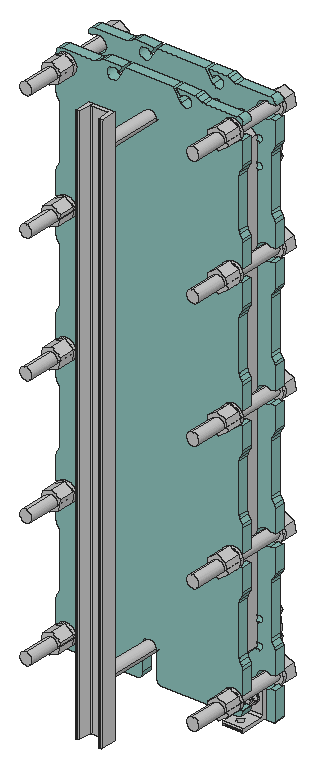
Revit family "Ekin_Endüstriyel - MIT535", category Specialty Equipment, Revit 2022
Family settings
  Round Connector Dimension = Use Diameter
  Part Type = Normal
  Work Plane-Based = No
  Always vertical = No
  Cut with Voids When Loaded = No
  Maintain Annotation Orientation = No
  Shared = No
  Room Calculation Point = No
Parameters (values of type "Flanged")
  URL = "https://en.ekinendustriyel.com/plate-heat-exchanger"
  Type Comments = ""
  Thickness_of_Plate [instance] = 0.50 mm  # constant formula
  Number_of_Plate [instance] = 20
  Model = if(Hygienic, if(Design Pressure < 11.0 bar, "H12340000F100L", if(Design Pressure < 16.0 bar, " H12340000F100M", " H12340000F100H")), if(Design Pressure < 10.0 bar, "E12340000F100L", if(Design Pressure < 16.0 bar, " E12340000F100M", " E12340000F100H")))  # "H12340000F100L"
  Material = Galvanized Steel- S235JR
  Manufacturer = "Ekin Endüstriyel"
  Lk [instance] = (Number_of_Plate) * ((Thickness_of_Plate) + 3.25 mm)  # 75.00 mm
  Lh [instance] = 1400.00 mm  # constant formula
  Lf [instance] = 1345.00 mm  # constant formula
  Lc [instance] = if(Number_of_Plate < 21, 250.00 mm, if(Number_of_Plate < 36, 500.00 mm, if(Number_of_Plate < 71, 750.00 mm, if(Number_of_Plate < 101, 1000.00 mm, if(Number_of_Plate < 151, 1250.00 mm, if(Number_of_Plate < 201, 1500.00 mm, if(Number_of_Plate < 251, 1750.00 mm, 2000.00 mm)))))))  # 250.00 mm
  La [instance] = 465.00 mm  # constant formula
  Keynote = ""
  Industrial [instance] = not(Hygienic)  # no
  Hygienic = yes
  Head & Follower Plate [instance] = if(Design Pressure < 11.0 bar, 25.00 mm, if(Design Pressure < 17.0 bar, 40.00 mm, 50.00 mm))  # 25.00 mm
  Follower Plate [instance] = -(Head & Follower Plate)  # -25.00 mm
  Design Pressure = 6.89476 bar
  Description = if(Design Pressure < 11.0 bar, "MIT - Heat Exchanger - 10 bar", if(Design Pressure < 16.0 bar, " MIT - Heat Exchanger - 16 bar", " MIT - Heat Exchanger - 25 bar"))  # "MIT - Heat Exchanger - 10 bar"
  Default Elevation = 0.00 mm
Reference planes
  plane 1 "Center (Front/Back)": y = 0
  plane 2: z = 0
  plane 3 "Center (Left/Right)": x = 0
  plane 4: x = 1160
  plane 5: x = -1000
  plane 6 "2": y = -100
  plane 7 "1": y = -25
  plane 8 "3": y = -275
  plane 9 "Bolt End": y = 18.7
  plane 10: y = -250
Forms (mm)
  Extrusion 1, solid, material "Galvanized Steel", detail levels fine
    sketch origin (4.063, 0, 0) x (1, 0, 0) y (0, 0, 1)
      loop
        circle (114.937, 1258) r 40
      loop
        circle (114.937, 188) r 40
      loop
        line (-95.905, 55) -> (87.779, 55)
        arc (87.779, 55) -> (94.518, 53.83) -> (100.469, 50.459) r 20
        line (100.469, 50.459) -> (121.127, 33.501)
        arc (121.127, 33.501) -> (126.517, 26.592) -> (128.437, 18.042) r 20
        line (128.437, 18.042) -> (128.437, 3)
        arc (128.437, 3) -> (129.316, 0.879) -> (131.437, 0) r 3
        line (131.437, 0) -> (175.937, 0) -> (175.937, 33.263)
        arc (175.937, 33.263) -> (178.437, 57) -> (180.937, 33.263) r 12
        line (180.937, 33.263) -> (180.937, 0) -> (225.437, 0)
        arc (225.437, 0) -> (227.558, 0.879) -> (228.437, 3) r 3
        line (228.437, 3) -> (228.437, 71.75) -> (216.739, 71.75)
        arc (216.739, 71.75) -> (182.437, 88) -> (216.739, 104.25) r 21
        line (216.739, 104.25) -> (228.437, 104.25) -> (228.437, 160.231)
        arc (228.437, 160.231) -> (227.926, 164.113) -> (226.427, 167.731) r 15
        line (226.427, 167.731) -> (220.447, 178.09)
        arc (220.447, 178.09) -> (218.948, 181.708) -> (218.437, 185.59) r 15
        line (218.437, 185.59) -> (218.437, 307.91)
        arc (218.437, 307.91) -> (218.948, 311.793) -> (220.447, 315.41) r 15
        line (220.447, 315.41) -> (226.427, 325.769)
        arc (226.427, 325.769) -> (227.926, 329.387) -> (228.437, 333.269) r 15
        line (228.437, 333.269) -> (228.437, 389.25) -> (216.739, 389.25)
        arc (216.739, 389.25) -> (182.437, 405.5) -> (216.739, 421.75) r 21
        line (216.739, 421.75) -> (228.437, 421.75) -> (228.437, 477.731)
        arc (228.437, 477.731) -> (227.926, 481.613) -> (226.427, 485.231) r 15
        line (226.427, 485.231) -> (220.447, 495.59)
        arc (220.447, 495.59) -> (218.948, 499.207) -> (218.437, 503.09) r 15
        line (218.437, 503.09) -> (218.437, 625.41)
        arc (218.437, 625.41) -> (218.948, 629.293) -> (220.447, 632.91) r 15
        line (220.447, 632.91) -> (226.427, 643.269)
        arc (226.427, 643.269) -> (227.926, 646.887) -> (228.437, 650.769) r 15
        line (228.437, 650.769) -> (228.437, 706.75) -> (216.739, 706.75)
        arc (216.739, 706.75) -> (182.437, 723) -> (216.739, 739.25) r 21
        line (216.739, 739.25) -> (228.437, 739.25) -> (228.437, 795.231)
        arc (228.437, 795.231) -> (227.926, 799.113) -> (226.427, 802.731) r 15
        line (226.427, 802.731) -> (220.447, 813.09)
        arc (220.447, 813.09) -> (218.948, 816.707) -> (218.437, 820.59) r 15
        line (218.437, 820.59) -> (218.437, 942.91)
        arc (218.437, 942.91) -> (218.948, 946.793) -> (220.447, 950.41) r 15
        line (220.447, 950.41) -> (226.427, 960.769)
        arc (226.427, 960.769) -> (227.926, 964.387) -> (228.437, 968.269) r 15
        line (228.437, 968.269) -> (228.437, 1024.25) -> (216.739, 1024.25)
        arc (216.739, 1024.25) -> (182.437, 1040.5) -> (216.739, 1056.75) r 21
        line (216.739, 1056.75) -> (228.437, 1056.75) -> (228.437, 1112.731)
        arc (228.437, 1112.731) -> (227.926, 1116.613) -> (226.427, 1120.231) r 15
        line (226.427, 1120.231) -> (220.447, 1130.59)
        arc (220.447, 1130.59) -> (218.948, 1134.207) -> (218.437, 1138.09) r 15
        line (218.437, 1138.09) -> (218.437, 1260.41)
        arc (218.437, 1260.41) -> (218.948, 1264.293) -> (220.447, 1267.91) r 15
        line (220.447, 1267.91) -> (226.427, 1278.269)
        arc (226.427, 1278.269) -> (227.926, 1281.887) -> (228.437, 1285.769) r 15
        line (228.437, 1285.769) -> (228.437, 1341.75) -> (216.739, 1341.75)
        arc (216.739, 1341.75) -> (182.437, 1358) -> (216.739, 1374.25) r 21
        line (216.739, 1374.25) -> (228.418, 1374.25)
        arc (228.418, 1374.25) -> (224.306, 1385.338) -> (213.437, 1390) r 15
        line (213.437, 1390) -> (133.527, 1390)
        arc (133.527, 1390) -> (129.644, 1390.511) -> (126.027, 1392.01) r 15
        line (126.027, 1392.01) -> (115.668, 1397.99)
        arc (115.668, 1397.99) -> (112.05, 1399.489) -> (108.168, 1400) r 15
        line (108.168, 1400) -> (62.554, 1400) -> (72.143, 1383.392)
        arc (72.143, 1383.392) -> (100.91, 1378.399) -> (72.947, 1370) r 15
        line (72.947, 1370) -> (55.626, 1400) -> (-63.752, 1400) -> (-81.073, 1370)
        arc (-81.073, 1370) -> (-109.036, 1378.399) -> (-80.269, 1383.392) r 15
        line (-80.269, 1383.392) -> (-70.68, 1400) -> (-116.294, 1400)
        arc (-116.294, 1400) -> (-120.176, 1399.489) -> (-123.794, 1397.99) r 15
        line (-123.794, 1397.99) -> (-134.153, 1392.01)
        arc (-134.153, 1392.01) -> (-137.77, 1390.511) -> (-141.653, 1390) r 15
        line (-141.653, 1390) -> (-221.563, 1390)
        arc (-221.563, 1390) -> (-232.432, 1385.338) -> (-236.544, 1374.25) r 15
        line (-236.544, 1374.25) -> (-224.865, 1374.25)
        arc (-224.865, 1374.25) -> (-190.563, 1358) -> (-224.865, 1341.75) r 21
        line (-224.865, 1341.75) -> (-236.563, 1341.75) -> (-236.563, 1285.769)
        arc (-236.563, 1285.769) -> (-236.052, 1281.887) -> (-234.553, 1278.269) r 15
        line (-234.553, 1278.269) -> (-228.573, 1267.91)
        arc (-228.573, 1267.91) -> (-227.074, 1264.293) -> (-226.563, 1260.41) r 15
        line (-226.563, 1260.41) -> (-226.563, 1138.09)
        arc (-226.563, 1138.09) -> (-227.074, 1134.207) -> (-228.573, 1130.59) r 15
        line (-228.573, 1130.59) -> (-234.553, 1120.231)
        arc (-234.553, 1120.231) -> (-236.052, 1116.613) -> (-236.563, 1112.731) r 15
        line (-236.563, 1112.731) -> (-236.563, 1056.75) -> (-224.865, 1056.75)
        arc (-224.865, 1056.75) -> (-190.563, 1040.5) -> (-224.865, 1024.25) r 21
        line (-224.865, 1024.25) -> (-236.563, 1024.25) -> (-236.563, 968.269)
        arc (-236.563, 968.269) -> (-236.052, 964.387) -> (-234.553, 960.769) r 15
        line (-234.553, 960.769) -> (-228.573, 950.41)
        arc (-228.573, 950.41) -> (-227.074, 946.793) -> (-226.563, 942.91) r 15
        line (-226.563, 942.91) -> (-226.563, 820.59)
        arc (-226.563, 820.59) -> (-227.074, 816.707) -> (-228.573, 813.09) r 15
        line (-228.573, 813.09) -> (-234.553, 802.731)
        arc (-234.553, 802.731) -> (-236.052, 799.113) -> (-236.563, 795.231) r 15
        line (-236.563, 795.231) -> (-236.563, 739.25) -> (-224.865, 739.25)
        arc (-224.865, 739.25) -> (-190.563, 723) -> (-224.865, 706.75) r 21
        line (-224.865, 706.75) -> (-236.563, 706.75) -> (-236.563, 650.769)
        arc (-236.563, 650.769) -> (-236.052, 646.887) -> (-234.553, 643.269) r 15
        line (-234.553, 643.269) -> (-228.573, 632.91)
        arc (-228.573, 632.91) -> (-227.074, 629.293) -> (-226.563, 625.41) r 15
        line (-226.563, 625.41) -> (-226.563, 503.09)
        arc (-226.563, 503.09) -> (-227.074, 499.207) -> (-228.573, 495.59) r 15
        line (-228.573, 495.59) -> (-234.553, 485.231)
        arc (-234.553, 485.231) -> (-236.052, 481.613) -> (-236.563, 477.731) r 15
        line (-236.563, 477.731) -> (-236.563, 421.75) -> (-224.865, 421.75)
        arc (-224.865, 421.75) -> (-190.563, 405.5) -> (-224.865, 389.25) r 21
        line (-224.865, 389.25) -> (-236.563, 389.25) -> (-236.563, 333.269)
        arc (-236.563, 333.269) -> (-236.052, 329.387) -> (-234.553, 325.769) r 15
        line (-234.553, 325.769) -> (-228.573, 315.41)
        arc (-228.573, 315.41) -> (-227.074, 311.793) -> (-226.563, 307.91) r 15
        line (-226.563, 307.91) -> (-226.563, 185.59)
        arc (-226.563, 185.59) -> (-227.074, 181.708) -> (-228.573, 178.09) r 15
        line (-228.573, 178.09) -> (-234.553, 167.731)
        arc (-234.553, 167.731) -> (-236.052, 164.113) -> (-236.563, 160.231) r 15
        line (-236.563, 160.231) -> (-236.563, 104.25) -> (-224.865, 104.25)
        arc (-224.865, 104.25) -> (-190.563, 88) -> (-224.865, 71.75) r 21
        line (-224.865, 71.75) -> (-236.563, 71.75) -> (-236.563, 3)
        arc (-236.563, 3) -> (-235.684, 0.879) -> (-233.563, 0) r 3
        line (-233.563, 0) -> (-189.063, 0) -> (-189.063, 33.263)
        arc (-189.063, 33.263) -> (-186.563, 57) -> (-184.063, 33.263) r 12
        line (-184.063, 33.263) -> (-184.063, 0) -> (-139.563, 0)
        arc (-139.563, 0) -> (-137.442, 0.879) -> (-136.563, 3) r 3
        line (-136.563, 3) -> (-136.563, 18.042)
        arc (-136.563, 18.042) -> (-134.643, 26.592) -> (-129.253, 33.501) r 20
        line (-129.253, 33.501) -> (-108.595, 50.459)
        arc (-108.595, 50.459) -> (-102.644, 53.83) -> (-95.905, 55) r 20
      loop
        circle (-4.063, 1314) r 6.25
      loop
        circle (-4.063, 132) r 6.25
      loop
        circle (145.552, 261.91) r 9
      loop
        circle (188.847, 218.615) r 9
      loop
        circle (188.847, 157.385) r 9
      loop
        circle (145.552, 114.09) r 9
      loop
        circle (84.322, 261.91) r 9
      loop
        circle (41.027, 218.615) r 9
      loop
        circle (41.027, 157.385) r 9
      loop
        circle (84.322, 114.09) r 9
      loop
        circle (145.552, 1331.91) r 9
      loop
        circle (188.847, 1288.615) r 9
      loop
        circle (188.847, 1227.385) r 9
      loop
        circle (145.552, 1184.09) r 9
      loop
        circle (84.322, 1331.91) r 9
      loop
        circle (41.027, 1288.615) r 9
      loop
        circle (41.027, 1227.385) r 9
      loop
        circle (84.322, 1184.09) r 9
      loop
        circle (-123.063, 1258) r 40
      loop
        circle (-123.063, 188) r 40
      loop
        circle (-153.678, 261.91) r 9
      loop
        circle (-196.973, 218.615) r 9
      loop
        circle (-196.973, 157.385) r 9
      loop
        circle (-153.678, 114.09) r 9
      loop
        circle (-92.448, 261.91) r 9
      loop
        circle (-49.153, 218.615) r 9
      loop
        circle (-49.153, 157.385) r 9
      loop
        circle (-92.448, 114.09) r 9
      loop
        circle (-153.678, 1331.91) r 9
      loop
        circle (-196.973, 1288.615) r 9
      loop
        circle (-196.973, 1227.385) r 9
      loop
        circle (-153.678, 1184.09) r 9
      loop
        circle (-92.448, 1331.91) r 9
      loop
        circle (-49.153, 1288.615) r 9
      loop
        circle (-49.153, 1227.385) r 9
      loop
        circle (-92.448, 1184.09) r 9
    from 0 to 25
  Extrusion 2, solid, material "Galvanized Steel", detail levels fine
    sketch origin (4.063, -100, 0) x (-1, 0, 0) y (0, 0, 1)
      loop
        arc (221.563, 55) -> (232.17, 59.394) -> (236.563, 70) r 15
        line (236.563, 70) -> (236.563, 71.75) -> (224.865, 71.75)
        arc (224.865, 71.75) -> (190.563, 88) -> (224.865, 104.25) r 21
        line (224.865, 104.25) -> (236.563, 104.25) -> (236.563, 160.231)
        arc (236.563, 160.231) -> (236.052, 164.113) -> (234.553, 167.731) r 15
        line (234.553, 167.731) -> (228.573, 178.09)
        arc (228.573, 178.09) -> (227.074, 181.708) -> (226.563, 185.59) r 15
        line (226.563, 185.59) -> (226.563, 307.91)
        arc (226.563, 307.91) -> (227.074, 311.793) -> (228.573, 315.41) r 15
        line (228.573, 315.41) -> (234.553, 325.769)
        arc (234.553, 325.769) -> (236.052, 329.387) -> (236.563, 333.269) r 15
        line (236.563, 333.269) -> (236.563, 389.25) -> (224.865, 389.25)
        arc (224.865, 389.25) -> (190.563, 405.5) -> (224.865, 421.75) r 21
        line (224.865, 421.75) -> (236.563, 421.75) -> (236.563, 477.731)
        arc (236.563, 477.731) -> (236.052, 481.613) -> (234.553, 485.231) r 15
        line (234.553, 485.231) -> (228.573, 495.59)
        arc (228.573, 495.59) -> (227.074, 499.207) -> (226.563, 503.09) r 15
        line (226.563, 503.09) -> (226.563, 625.41)
        arc (226.563, 625.41) -> (227.074, 629.293) -> (228.573, 632.91) r 15
        line (228.573, 632.91) -> (234.553, 643.269)
        arc (234.553, 643.269) -> (236.052, 646.887) -> (236.563, 650.769) r 15
        line (236.563, 650.769) -> (236.563, 706.75) -> (224.865, 706.75)
        arc (224.865, 706.75) -> (190.563, 723) -> (224.865, 739.25) r 21
        line (224.865, 739.25) -> (236.563, 739.25) -> (236.563, 795.231)
        arc (236.563, 795.231) -> (236.052, 799.113) -> (234.553, 802.731) r 15
        line (234.553, 802.731) -> (228.573, 813.09)
        arc (228.573, 813.09) -> (227.074, 816.707) -> (226.563, 820.59) r 15
        line (226.563, 820.59) -> (226.563, 942.91)
        arc (226.563, 942.91) -> (227.074, 946.793) -> (228.573, 950.41) r 15
        line (228.573, 950.41) -> (234.553, 960.769)
        arc (234.553, 960.769) -> (236.052, 964.387) -> (236.563, 968.269) r 15
        line (236.563, 968.269) -> (236.563, 1024.25) -> (224.865, 1024.25)
        arc (224.865, 1024.25) -> (190.563, 1040.5) -> (224.865, 1056.75) r 21
        line (224.865, 1056.75) -> (236.563, 1056.75) -> (236.563, 1112.731)
        arc (236.563, 1112.731) -> (236.052, 1116.613) -> (234.553, 1120.231) r 15
        line (234.553, 1120.231) -> (228.573, 1130.59)
        arc (228.573, 1130.59) -> (227.074, 1134.207) -> (226.563, 1138.09) r 15
        line (226.563, 1138.09) -> (226.563, 1260.41)
        arc (226.563, 1260.41) -> (227.074, 1264.293) -> (228.573, 1267.91) r 15
        line (228.573, 1267.91) -> (234.553, 1278.269)
        arc (234.553, 1278.269) -> (236.052, 1281.887) -> (236.563, 1285.769) r 15
        line (236.563, 1285.769) -> (236.563, 1341.75) -> (224.865, 1341.75)
        arc (224.865, 1341.75) -> (190.563, 1358) -> (224.865, 1374.25) r 21
        line (224.865, 1374.25) -> (236.544, 1374.25)
        arc (236.544, 1374.25) -> (232.432, 1385.338) -> (221.563, 1390) r 15
        line (221.563, 1390) -> (141.653, 1390)
        arc (141.653, 1390) -> (137.77, 1390.511) -> (134.153, 1392.01) r 15
        line (134.153, 1392.01) -> (123.794, 1397.99)
        arc (123.794, 1397.99) -> (120.176, 1399.489) -> (116.294, 1400) r 15
        line (116.294, 1400) -> (70.68, 1400) -> (80.269, 1383.392)
        arc (80.269, 1383.392) -> (109.036, 1378.399) -> (81.073, 1370) r 15
        line (81.073, 1370) -> (63.752, 1400) -> (-55.626, 1400) -> (-72.947, 1370)
        arc (-72.947, 1370) -> (-100.91, 1378.399) -> (-72.143, 1383.392) r 15
        line (-72.143, 1383.392) -> (-62.554, 1400) -> (-108.168, 1400)
        arc (-108.168, 1400) -> (-112.05, 1399.489) -> (-115.668, 1397.99) r 15
        line (-115.668, 1397.99) -> (-126.027, 1392.01)
        arc (-126.027, 1392.01) -> (-129.644, 1390.511) -> (-133.527, 1390) r 15
        line (-133.527, 1390) -> (-213.437, 1390)
        arc (-213.437, 1390) -> (-224.306, 1385.338) -> (-228.418, 1374.25) r 15
        line (-228.418, 1374.25) -> (-216.739, 1374.25)
        arc (-216.739, 1374.25) -> (-182.437, 1358) -> (-216.739, 1341.75) r 21
        line (-216.739, 1341.75) -> (-228.437, 1341.75) -> (-228.437, 1285.769)
        arc (-228.437, 1285.769) -> (-227.926, 1281.887) -> (-226.427, 1278.269) r 15
        line (-226.427, 1278.269) -> (-220.447, 1267.91)
        arc (-220.447, 1267.91) -> (-218.948, 1264.293) -> (-218.437, 1260.41) r 15
        line (-218.437, 1260.41) -> (-218.437, 1138.09)
        arc (-218.437, 1138.09) -> (-218.948, 1134.207) -> (-220.447, 1130.59) r 15
        line (-220.447, 1130.59) -> (-226.427, 1120.231)
        arc (-226.427, 1120.231) -> (-227.926, 1116.613) -> (-228.437, 1112.731) r 15
        line (-228.437, 1112.731) -> (-228.437, 1056.75) -> (-216.739, 1056.75)
        arc (-216.739, 1056.75) -> (-182.437, 1040.5) -> (-216.739, 1024.25) r 21
        line (-216.739, 1024.25) -> (-228.437, 1024.25) -> (-228.437, 968.269)
        arc (-228.437, 968.269) -> (-227.926, 964.387) -> (-226.427, 960.769) r 15
        line (-226.427, 960.769) -> (-220.447, 950.41)
        arc (-220.447, 950.41) -> (-218.948, 946.793) -> (-218.437, 942.91) r 15
        line (-218.437, 942.91) -> (-218.437, 820.59)
        arc (-218.437, 820.59) -> (-218.948, 816.707) -> (-220.447, 813.09) r 15
        line (-220.447, 813.09) -> (-226.427, 802.731)
        arc (-226.427, 802.731) -> (-227.926, 799.113) -> (-228.437, 795.231) r 15
        line (-228.437, 795.231) -> (-228.437, 739.25) -> (-216.739, 739.25)
        arc (-216.739, 739.25) -> (-182.437, 723) -> (-216.739, 706.75) r 21
        line (-216.739, 706.75) -> (-228.437, 706.75) -> (-228.437, 650.769)
        arc (-228.437, 650.769) -> (-227.926, 646.887) -> (-226.427, 643.269) r 15
        line (-226.427, 643.269) -> (-220.447, 632.91)
        arc (-220.447, 632.91) -> (-218.948, 629.293) -> (-218.437, 625.41) r 15
        line (-218.437, 625.41) -> (-218.437, 503.09)
        arc (-218.437, 503.09) -> (-218.948, 499.207) -> (-220.447, 495.59) r 15
        line (-220.447, 495.59) -> (-226.427, 485.231)
        arc (-226.427, 485.231) -> (-227.926, 481.613) -> (-228.437, 477.731) r 15
        line (-228.437, 477.731) -> (-228.437, 421.75) -> (-216.739, 421.75)
        arc (-216.739, 421.75) -> (-182.437, 405.5) -> (-216.739, 389.25) r 21
        line (-216.739, 389.25) -> (-228.437, 389.25) -> (-228.437, 333.269)
        arc (-228.437, 333.269) -> (-227.926, 329.387) -> (-226.427, 325.769) r 15
        line (-226.427, 325.769) -> (-220.447, 315.41)
        arc (-220.447, 315.41) -> (-218.948, 311.793) -> (-218.437, 307.91) r 15
        line (-218.437, 307.91) -> (-218.437, 185.59)
        arc (-218.437, 185.59) -> (-218.948, 181.708) -> (-220.447, 178.09) r 15
        line (-220.447, 178.09) -> (-226.427, 167.731)
        arc (-226.427, 167.731) -> (-227.926, 164.113) -> (-228.437, 160.231) r 15
        line (-228.437, 160.231) -> (-228.437, 104.25) -> (-216.739, 104.25)
        arc (-216.739, 104.25) -> (-182.437, 88) -> (-216.739, 71.75) r 21
        line (-216.739, 71.75) -> (-228.437, 71.75) -> (-228.437, 70)
        arc (-228.437, 70) -> (-224.044, 59.393) -> (-213.437, 55) r 15
        line (-213.437, 55) -> (-27.52, 55)
        arc (-27.52, 55) -> (-16.913, 59.393) -> (-12.52, 70) r 15
        line (-12.52, 70) -> (-12.52, 133.013)
        arc (-12.52, 133.013) -> (4.024, 149.557) -> (20.568, 133.013) r 16.544
        line (20.568, 133.013) -> (20.568, 70)
        arc (20.568, 70) -> (24.961, 59.393) -> (35.568, 55) r 15
        line (35.568, 55) -> (221.563, 55)
      loop
        circle (4.063, 1314) r 15
    from 0 to -25 <- "Follower Plate"
  Extrusion 3, solid, material "AISI 316L/Titanium/Hastelloy", detail levels fine
    sketch origin (0, -25, 0) x (-1, 0, 0) y (0, 0, 1)
      loop
        line (-27, 1323) -> (-155, 1323) -> (-185, 1293) -> (-185, 153) -> (-155, 123) -> (-27, 123)
        arc (-27, 123) -> (-26.121, 125.121) -> (-24, 126) r 3
        line (-24, 126) -> (-17, 126)
        arc (-17, 126) -> (-15.308, 126.933) -> (-15.195, 128.861) r 2
        line (-15.195, 128.861) -> (-20.913, 140.847)
        arc (-20.913, 140.847) -> (-20.629, 145.668) -> (-16.4, 148) r 5
        line (-16.4, 148) -> (16.4, 148)
        arc (16.4, 148) -> (20.629, 145.668) -> (20.913, 140.847) r 5
        line (20.913, 140.847) -> (15.195, 128.861)
        arc (15.195, 128.861) -> (15.309, 126.933) -> (17, 126) r 2
        line (17, 126) -> (24, 126)
        arc (24, 126) -> (26.121, 125.121) -> (27, 123) r 3
        line (27, 123) -> (155, 123) -> (185, 153) -> (185, 1293) -> (155, 1323) -> (27, 1323)
        arc (27, 1323) -> (26.121, 1320.879) -> (24, 1320) r 3
        line (24, 1320) -> (17, 1320)
        arc (17, 1320) -> (15.309, 1319.067) -> (15.195, 1317.139) r 2
        line (15.195, 1317.139) -> (20.913, 1305.153)
        arc (20.913, 1305.153) -> (20.629, 1300.332) -> (16.4, 1298) r 5
        line (16.4, 1298) -> (-16.4, 1298)
        arc (-16.4, 1298) -> (-20.629, 1300.332) -> (-20.913, 1305.153) r 5
        line (-20.913, 1305.153) -> (-15.195, 1317.139)
        arc (-15.195, 1317.139) -> (-15.308, 1319.067) -> (-17, 1320) r 2
        line (-17, 1320) -> (-24, 1320)
        arc (-24, 1320) -> (-26.121, 1320.879) -> (-27, 1323) r 3
      loop
        circle (-119, 1258) r 44
      loop
        circle (119, 1258) r 44
      loop
        circle (119, 188) r 44
      loop
        circle (-119, 188) r 44
    from 0 to -75
  Extrusion 4, solid, material "Galvanized Steel- S235JR"
    sketch origin (0, 0, 0) x (1, 0, 0) y (0, 0, 1)
      loop
        circle (0, 132) r 15
      loop
        circle (0, 1314) r 15
    from 25 to 275
  Extrusion 5, solid, material "Galvanized Steel- S235JR"
    sketch origin (0, 0, 0) x (1, 0, 0) y (0, 0, 1)
      loop
        circle (207.5, 1358) r 15
      loop
        circle (207.5, 1040.5) r 15
      loop
        circle (207.5, 723) r 15
      loop
        circle (207.5, 405.5) r 15
      loop
        circle (207.5, 88) r 15
      loop
        circle (-207.5, 1358) r 15
      loop
        circle (-207.5, 1040.5) r 15
      loop
        circle (-207.5, 723) r 15
      loop
        circle (-207.5, 405.5) r 15
      loop
        circle (-207.5, 88) r 15
    from 0 to 250
  Extrusion 6, solid, material "Galvanized Steel- S235JR", detail levels fine
    sketch origin (0, 0, 0) x (1, 0, 0) y (0, 0, 1)
      loop
        line (190.506, 57.01) -> (176.102, 57.938) -> (168.097, 45.929) -> (174.495, 32.99) -> (188.898, 32.062) -> (196.904, 44.072) -> (190.506, 57.01)
      loop
        line (-190.506, 57.01) -> (-196.904, 44.072) -> (-188.898, 32.062) -> (-174.495, 32.99) -> (-168.097, 45.929) -> (-176.102, 57.938) -> (-190.506, 57.01)
    from 0 to -13
  Extrusion 7, solid, material "Galvanized Steel- S235JR", detail levels fine
    sketch origin (-163.34, -25, 33.739) x (1, 0, 0) y (0, 0, 1)
      loop
        circle (345.864, 11.259) r 15
      loop
        circle (-19.184, 11.259) r 15
    from 7.5 to 10.5
  Extrusion 8, solid, material "Galvanized Steel- S235JR", detail levels fine
    sketch origin (0, 0, 0) x (1, 0, 0) y (0, 0, 1)
      loop
        circle (-182.5, 45) r 8
      loop
        circle (182.5, 45) r 8
    from 49.8 to -29.5
  Extrusion 9, solid, material "Galvanized Steel- S235JR", detail levels fine
    sketch origin (-219.463, -25, 18.644) x (1, 0, 0) y (0, 0, 1)
      loop
        line (409.969, 38.367) -> (395.565, 39.295) -> (387.559, 27.284) -> (393.958, 14.346) -> (408.362, 13.418) -> (416.367, 25.429) -> (409.969, 38.367)
    from 20.5 to 10.5
  Extrusion 10, solid, material "Galvanized Steel- S235JR", detail levels fine
    sketch origin (0, 0, 0) x (1, 0, 0) y (0, 0, 1)
      loop
        circle (149.615, 261.91) r 15
      loop
        circle (192.91, 218.615) r 15
      loop
        circle (192.91, 157.385) r 15
      loop
        circle (149.615, 114.09) r 15
      loop
        circle (88.385, 261.91) r 15
      loop
        circle (45.09, 218.615) r 15
      loop
        circle (45.09, 157.385) r 15
      loop
        circle (88.385, 114.09) r 15
      loop
        circle (-149.616, 261.91) r 15
      loop
        circle (-192.912, 218.615) r 15
      loop
        circle (-192.912, 157.385) r 15
      loop
        circle (-149.616, 114.09) r 15
      loop
        circle (-88.387, 261.91) r 15
      loop
        circle (-45.091, 218.615) r 15
      loop
        circle (-45.091, 157.385) r 15
      loop
        circle (-88.387, 114.09) r 15
      loop
        circle (149.615, 1331.91) r 15
      loop
        circle (192.91, 1288.615) r 15
      loop
        circle (192.91, 1227.385) r 15
      loop
        circle (149.615, 1184.09) r 15
      loop
        circle (88.385, 1331.91) r 15
      loop
        circle (45.09, 1288.615) r 15
      loop
        circle (45.09, 1227.385) r 15
      loop
        circle (88.385, 1184.09) r 15
      loop
        circle (-149.616, 1331.91) r 15
      loop
        circle (-192.912, 1288.615) r 15
      loop
        circle (-192.912, 1227.385) r 15
      loop
        circle (-149.616, 1184.09) r 15
      loop
        circle (-88.387, 1331.91) r 15
      loop
        circle (-45.091, 1288.615) r 15
      loop
        circle (-45.091, 1227.385) r 15
      loop
        circle (-88.387, 1184.09) r 15
    from -20 to -17
  Extrusion 11, solid, material "Galvanized Steel- S235JR", detail levels fine
    sketch origin (0, 0, 0) x (1, 0, 0) y (0, 0, 1)
      loop
        line (135.673, 265.646) -> (139.408, 251.704) -> (153.35, 247.968) -> (163.557, 258.175) -> (159.821, 272.117) -> (145.879, 275.852) -> (135.673, 265.646)
      loop
        line (185.693, 206.115) -> (200.127, 206.115) -> (207.344, 218.615) -> (200.127, 231.115) -> (185.693, 231.115) -> (178.477, 218.615) -> (185.693, 206.115)
      loop
        line (182.704, 167.592) -> (178.968, 153.65) -> (189.175, 143.443) -> (203.117, 147.179) -> (206.852, 161.121) -> (196.646, 171.327) -> (182.704, 167.592)
      loop
        line (137.115, 121.307) -> (137.115, 106.873) -> (149.615, 99.656) -> (162.115, 106.873) -> (162.115, 121.307) -> (149.615, 128.523) -> (137.115, 121.307)
      loop
        line (102.327, 265.646) -> (92.121, 275.852) -> (78.179, 272.117) -> (74.443, 258.175) -> (84.65, 247.968) -> (98.591, 251.704) -> (102.327, 265.646)
      loop
        line (52.306, 206.115) -> (59.523, 218.615) -> (52.306, 231.115) -> (37.873, 231.115) -> (30.656, 218.615) -> (37.873, 206.115) -> (52.306, 206.115)
      loop
        line (55.296, 167.592) -> (41.354, 171.327) -> (31.148, 161.121) -> (34.883, 147.179) -> (48.825, 143.443) -> (59.032, 153.65) -> (55.296, 167.592)
      loop
        line (100.885, 121.307) -> (88.385, 128.523) -> (75.885, 121.307) -> (75.885, 106.873) -> (88.385, 99.656) -> (100.885, 106.873) -> (100.885, 121.307)
      loop
        line (-135.674, 265.646) -> (-145.881, 275.852) -> (-159.823, 272.117) -> (-163.558, 258.175) -> (-153.352, 247.968) -> (-139.41, 251.704) -> (-135.674, 265.646)
      loop
        line (-185.695, 206.115) -> (-178.478, 218.615) -> (-185.695, 231.115) -> (-200.129, 231.115) -> (-207.346, 218.615) -> (-200.129, 206.115) -> (-185.695, 206.115)
      loop
        line (-182.706, 167.592) -> (-196.648, 171.327) -> (-206.854, 161.121) -> (-203.118, 147.179) -> (-189.176, 143.443) -> (-178.97, 153.65) -> (-182.706, 167.592)
      loop
        line (-137.116, 121.307) -> (-149.616, 128.523) -> (-162.116, 121.307) -> (-162.116, 106.873) -> (-149.616, 99.656) -> (-137.116, 106.873) -> (-137.116, 121.307)
      loop
        line (-102.329, 265.646) -> (-98.593, 251.704) -> (-84.651, 247.968) -> (-74.445, 258.175) -> (-78.181, 272.117) -> (-92.123, 275.852) -> (-102.329, 265.646)
      loop
        line (-52.308, 206.115) -> (-37.874, 206.115) -> (-30.658, 218.615) -> (-37.874, 231.115) -> (-52.308, 231.115) -> (-59.525, 218.615) -> (-52.308, 206.115)
      loop
        line (-55.297, 167.592) -> (-59.033, 153.65) -> (-48.827, 143.443) -> (-34.885, 147.179) -> (-31.149, 161.121) -> (-41.356, 171.327) -> (-55.297, 167.592)
      loop
        line (-100.887, 121.307) -> (-100.887, 106.873) -> (-88.387, 99.656) -> (-75.887, 106.873) -> (-75.887, 121.307) -> (-88.387, 128.523) -> (-100.887, 121.307)
      loop
        line (135.673, 1335.646) -> (139.408, 1321.704) -> (153.35, 1317.968) -> (163.557, 1328.175) -> (159.821, 1342.117) -> (145.879, 1345.852) -> (135.673, 1335.646)
      loop
        line (185.693, 1276.115) -> (200.127, 1276.115) -> (207.344, 1288.615) -> (200.127, 1301.115) -> (185.693, 1301.115) -> (178.477, 1288.615) -> (185.693, 1276.115)
      loop
        line (182.704, 1237.592) -> (178.968, 1223.65) -> (189.175, 1213.443) -> (203.117, 1217.179) -> (206.852, 1231.121) -> (196.646, 1241.327) -> (182.704, 1237.592)
      loop
        line (137.115, 1191.307) -> (137.115, 1176.873) -> (149.615, 1169.656) -> (162.115, 1176.873) -> (162.115, 1191.307) -> (149.615, 1198.523) -> (137.115, 1191.307)
      loop
        line (102.327, 1335.646) -> (92.121, 1345.852) -> (78.179, 1342.117) -> (74.443, 1328.175) -> (84.65, 1317.968) -> (98.591, 1321.704) -> (102.327, 1335.646)
      loop
        line (52.306, 1276.115) -> (59.523, 1288.615) -> (52.306, 1301.115) -> (37.873, 1301.115) -> (30.656, 1288.615) -> (37.873, 1276.115) -> (52.306, 1276.115)
      loop
        line (55.296, 1237.592) -> (41.354, 1241.327) -> (31.148, 1231.121) -> (34.883, 1217.179) -> (48.825, 1213.443) -> (59.032, 1223.65) -> (55.296, 1237.592)
      loop
        line (100.885, 1191.307) -> (88.385, 1198.523) -> (75.885, 1191.307) -> (75.885, 1176.873) -> (88.385, 1169.656) -> (100.885, 1176.873) -> (100.885, 1191.307)
      loop
        line (-135.674, 1335.646) -> (-145.881, 1345.852) -> (-159.823, 1342.117) -> (-163.558, 1328.175) -> (-153.352, 1317.968) -> (-139.41, 1321.704) -> (-135.674, 1335.646)
      loop
        line (-185.695, 1276.115) -> (-178.478, 1288.615) -> (-185.695, 1301.115) -> (-200.129, 1301.115) -> (-207.346, 1288.615) -> (-200.129, 1276.115) -> (-185.695, 1276.115)
      loop
        line (-182.706, 1237.592) -> (-196.648, 1241.327) -> (-206.854, 1231.121) -> (-203.118, 1217.179) -> (-189.176, 1213.443) -> (-178.97, 1223.65) -> (-182.706, 1237.592)
      loop
        line (-137.116, 1191.307) -> (-149.616, 1198.523) -> (-162.116, 1191.307) -> (-162.116, 1176.873) -> (-149.616, 1169.656) -> (-137.116, 1176.873) -> (-137.116, 1191.307)
      loop
        line (-102.329, 1335.646) -> (-98.593, 1321.704) -> (-84.651, 1317.968) -> (-74.445, 1328.175) -> (-78.181, 1342.117) -> (-92.123, 1345.852) -> (-102.329, 1335.646)
      loop
        line (-52.308, 1276.115) -> (-37.874, 1276.115) -> (-30.658, 1288.615) -> (-37.874, 1301.115) -> (-52.308, 1301.115) -> (-59.525, 1288.615) -> (-52.308, 1276.115)
      loop
        line (-55.297, 1237.592) -> (-59.033, 1223.65) -> (-48.827, 1213.443) -> (-34.885, 1217.179) -> (-31.149, 1231.121) -> (-41.356, 1241.327) -> (-55.297, 1237.592)
      loop
        line (-100.887, 1191.307) -> (-100.887, 1176.873) -> (-88.387, 1169.656) -> (-75.887, 1176.873) -> (-75.887, 1191.307) -> (-88.387, 1198.523) -> (-100.887, 1191.307)
    from -20 to -30
  Extrusion 12, solid, material "Galvanized Steel- S235JR", detail levels fine
    sketch origin (0, 0, 0) x (1, 0, 0) y (0, 0, 1)
      loop
        circle (0, 132) r 9
      loop
        circle (0, 1314) r 9
    from -2.5 to -14.559
  Extrusion 13, solid, material "Galvanized Steel- S235JR", detail levels medium+fine
    sketch origin (0, 0, 0) x (1, 0, 0) y (0, 1, 0)
      loop
        arc (-32.501, -312) -> (-31.622, -314.121) -> (-29.501, -315) r 3
        line (-29.501, -315) -> (-27.707, -315)
        arc (-27.707, -315) -> (-25.698, -314.228) -> (-24.723, -312.308) r 3
        line (-24.723, -312.308) -> (-21.769, -283.692)
        arc (-21.769, -283.692) -> (-20.795, -281.772) -> (-18.785, -281) r 3
        line (-18.785, -281) -> (18.785, -281)
        arc (18.785, -281) -> (20.768, -281.749) -> (21.761, -283.622) r 3
        line (21.761, -283.622) -> (24.721, -312.308)
        arc (24.721, -312.308) -> (25.696, -314.228) -> (27.706, -315) r 3
        line (27.706, -315) -> (29.499, -315)
        arc (29.499, -315) -> (31.62, -314.121) -> (32.499, -312) r 3
        line (32.499, -312) -> (32.499, -275) -> (-32.501, -275) -> (-32.501, -312)
    from 0 to 1400
  Extrusion 14, solid, material "Galvanized Steel- S235JR", detail levels medium+fine
    sketch origin (0, 0, 0) x (1, 0, 0) y (0, 0, 1)
      loop
        circle (207.5, 1358) r 25
      loop
        circle (207.5, 1040.5) r 25
      loop
        circle (207.5, 723) r 25
      loop
        circle (207.5, 405.5) r 25
      loop
        circle (207.5, 88) r 25
      loop
        circle (-207.5, 1358) r 25
      loop
        circle (-207.5, 1040.5) r 25
      loop
        circle (-207.5, 723) r 25
      loop
        circle (-207.5, 405.5) r 25
      loop
        circle (-207.5, 88) r 25
    from 0 to -7.5
  Extrusion 15, solid, material "Galvanized Steel- S235JR", detail levels fine
    sketch origin (4.063, -125, 0) x (1, 0, 0) y (0, 0, 1)
      loop
        line (224.437, 1373.783) -> (200.269, 1384.078) -> (179.269, 1368.295) -> (182.437, 1342.217) -> (206.605, 1331.922) -> (227.605, 1347.705) -> (224.437, 1373.783)
      loop
        line (224.437, 1056.283) -> (200.269, 1066.578) -> (179.269, 1050.795) -> (182.437, 1024.717) -> (206.605, 1014.422) -> (227.605, 1030.205) -> (224.437, 1056.283)
      loop
        line (224.437, 738.783) -> (200.269, 749.078) -> (179.269, 733.295) -> (182.437, 707.217) -> (206.605, 696.922) -> (227.605, 712.705) -> (224.437, 738.783)
      loop
        line (224.437, 421.283) -> (200.269, 431.578) -> (179.269, 415.795) -> (182.437, 389.717) -> (206.605, 379.422) -> (227.605, 395.205) -> (224.437, 421.283)
      loop
        line (224.437, 103.783) -> (200.269, 114.078) -> (179.269, 98.295) -> (182.437, 72.217) -> (206.605, 61.922) -> (227.605, 77.705) -> (224.437, 103.783)
      loop
        line (-232.563, 1373.783) -> (-235.731, 1347.705) -> (-214.731, 1331.922) -> (-190.563, 1342.217) -> (-187.395, 1368.295) -> (-208.395, 1384.078) -> (-232.563, 1373.783)
      loop
        line (-232.563, 1056.283) -> (-235.731, 1030.205) -> (-214.731, 1014.422) -> (-190.563, 1024.717) -> (-187.395, 1050.795) -> (-208.395, 1066.578) -> (-232.563, 1056.283)
      loop
        line (-232.563, 738.783) -> (-235.731, 712.705) -> (-214.731, 696.922) -> (-190.563, 707.217) -> (-187.395, 733.295) -> (-208.395, 749.078) -> (-232.563, 738.783)
      loop
        line (-232.563, 421.283) -> (-235.731, 395.205) -> (-214.731, 379.422) -> (-190.563, 389.717) -> (-187.395, 415.795) -> (-208.395, 431.578) -> (-232.563, 421.283)
      loop
        line (-232.563, 103.783) -> (-235.731, 77.705) -> (-214.731, 61.922) -> (-190.563, 72.217) -> (-187.395, 98.295) -> (-208.395, 114.078) -> (-232.563, 103.783)
    from 8 to 48.1
  Extrusion 16, solid, material "Galvanized Steel- S235JR", detail levels fine
    sketch origin (4.063, -125, 0) x (1, 0, 0) y (0, 0, 1)
      loop
        circle (203.437, 1358) r 25
      loop
        circle (203.437, 1040.5) r 25
      loop
        circle (203.437, 723) r 25
      loop
        circle (203.437, 405.5) r 25
      loop
        circle (203.437, 88) r 25
      loop
        circle (-211.563, 1358) r 25
      loop
        circle (-211.563, 1040.5) r 25
      loop
        circle (-211.563, 723) r 25
      loop
        circle (-211.563, 405.5) r 25
      loop
        circle (-211.563, 88) r 25
    from 8 to 0
  Extrusion 17, solid, material "Galvanized Steel- S235JR", detail levels medium+fine
    sketch origin (0, 0, 0) x (1, 0, 0) y (0, 0, 1)
      loop
        line (228.5, 1373.783) -> (204.332, 1384.078) -> (183.332, 1368.295) -> (186.5, 1342.217) -> (210.668, 1331.922) -> (231.668, 1347.705) -> (228.5, 1373.783)
      loop
        line (228.5, 1056.283) -> (204.332, 1066.578) -> (183.332, 1050.795) -> (186.5, 1024.717) -> (210.668, 1014.422) -> (231.668, 1030.205) -> (228.5, 1056.283)
      loop
        line (228.5, 738.783) -> (204.332, 749.078) -> (183.332, 733.295) -> (186.5, 707.217) -> (210.668, 696.922) -> (231.668, 712.705) -> (228.5, 738.783)
      loop
        line (228.5, 421.283) -> (204.332, 431.578) -> (183.332, 415.795) -> (186.5, 389.717) -> (210.668, 379.422) -> (231.668, 395.205) -> (228.5, 421.283)
      loop
        line (228.5, 103.783) -> (204.332, 114.078) -> (183.332, 98.295) -> (186.5, 72.217) -> (210.668, 61.922) -> (231.668, 77.705) -> (228.5, 103.783)
      loop
        line (-228.5, 1373.783) -> (-231.668, 1347.705) -> (-210.668, 1331.922) -> (-186.5, 1342.217) -> (-183.332, 1368.295) -> (-204.332, 1384.078) -> (-228.5, 1373.783)
      loop
        line (-228.5, 1056.283) -> (-231.668, 1030.205) -> (-210.668, 1014.422) -> (-186.5, 1024.717) -> (-183.332, 1050.795) -> (-204.332, 1066.578) -> (-228.5, 1056.283)
      loop
        line (-228.5, 738.783) -> (-231.668, 712.705) -> (-210.668, 696.922) -> (-186.5, 707.217) -> (-183.332, 733.295) -> (-204.332, 749.078) -> (-228.5, 738.783)
      loop
        line (-228.5, 421.283) -> (-231.668, 395.205) -> (-210.668, 379.422) -> (-186.5, 389.717) -> (-183.332, 415.795) -> (-204.332, 431.578) -> (-228.5, 421.283)
      loop
        line (-228.5, 103.783) -> (-231.668, 77.705) -> (-210.668, 61.922) -> (-186.5, 72.217) -> (-183.332, 98.295) -> (-204.332, 114.078) -> (-228.5, 103.783)
    from -8 to -38.6
  Extrusion 18, solid, material "AISI 316L/Titanium/Hastelloy", detail levels coarse
    sketch origin (0, 0, 1400) x (1, 0, 0) y (0, 1, 0)
      loop
        line (-32.501, -275) -> (-32.501, -315) -> (32.499, -315) -> (32.499, -275) -> (-32.501, -275)
    from 0 to -1400
  Extrusion 19, solid, material "Galvanized Steel- S235JR", detail levels fine
    sketch origin (0, 0, 0) x (1, 0, 0) y (0, 0, 1)
      loop
        circle (-119, 1258) r 95
      loop
        circle (-45.09, 1227.385) r 9
      loop
        circle (-88.385, 1184.09) r 9
      loop
        circle (-88.385, 1331.91) r 9
      loop
        circle (-45.09, 1288.615) r 9
      loop
        circle (-119, 1258) r 45.25
      loop
        circle (119, 1258) r 95
      loop
        circle (45.09, 1227.385) r 9
      loop
        circle (88.385, 1184.09) r 9
      loop
        circle (88.385, 1331.91) r 9
      loop
        circle (45.09, 1288.615) r 9
      loop
        circle (119, 1258) r 45.25
      loop
        circle (-119, 188) r 95
      loop
        circle (-45.09, 157.385) r 9
      loop
        circle (-88.385, 114.09) r 9
      loop
        circle (-88.385, 261.91) r 9
      loop
        circle (-45.09, 218.615) r 9
      loop
        circle (-119, 188) r 45.25
      loop
        circle (119, 188) r 95
      loop
        circle (45.09, 157.385) r 9
      loop
        circle (88.385, 114.09) r 9
      loop
        circle (88.385, 261.91) r 9
      loop
        circle (45.09, 218.615) r 9
      loop
        circle (119, 188) r 45.25
      loop
        circle (192.91, 1227.385) r 9
      loop
        circle (149.615, 1184.09) r 9
      loop
        circle (149.615, 1331.91) r 9
      loop
        circle (192.91, 1288.615) r 9
      loop
        circle (192.91, 157.385) r 9
      loop
        circle (149.615, 114.09) r 9
      loop
        circle (149.615, 261.91) r 9
      loop
        circle (192.91, 218.615) r 9
      loop
        circle (-192.91, 157.385) r 9
      loop
        circle (-149.615, 114.09) r 9
      loop
        circle (-149.615, 261.91) r 9
      loop
        circle (-192.91, 218.615) r 9
      loop
        circle (-192.91, 1227.385) r 9
      loop
        circle (-149.615, 1184.09) r 9
      loop
        circle (-149.615, 1331.91) r 9
      loop
        circle (-192.91, 1288.615) r 9
    from -17 to 0
  Extrusion 20, void
    sketch origin (202.5, -37.5, 7.5) x (0, 1, 0) y (-1, 0, 0)
      loop
        line (12.5, 45) -> (12.5, 360) -> (-57.5, 360) -> (-57.5, 45) -> (12.5, 45)
      loop
        circle (-32.5, 385) r 9
      loop
        circle (-32.5, 20) r 9
    from -7.5 to 62.5
  Extrusion 21, solid, material "Galvanized Steel", detail levels medium
    sketch origin (4.063, 0, 0) x (1, 0, 0) y (0, 0, 1)
      loop
        circle (114.937, 1258) r 40
      loop
        circle (114.937, 188) r 40
      loop
        line (-103.063, 55) -> (94.937, 55) -> (128.437, 27.5) -> (128.437, 0) -> (228.437, 0) -> (228.437, 1375)
        arc (228.437, 1375) -> (224.044, 1385.606) -> (213.437, 1390) r 15
        line (213.437, 1390) -> (129.507, 1390) -> (112.187, 1400) -> (-120.313, 1400) -> (-137.634, 1390) -> (-221.563, 1390)
        arc (-221.563, 1390) -> (-232.17, 1385.606) -> (-236.563, 1375) r 15
        line (-236.563, 1375) -> (-236.563, 0) -> (-136.563, 0) -> (-136.563, 27.5) -> (-103.063, 55)
      loop
        circle (-4.063, 1314) r 6.25
      loop
        circle (-4.063, 132) r 6.25
      loop
        circle (178.437, 45) r 12
      loop
        circle (203.437, 88) r 21
      loop
        circle (203.437, 405.5) r 21
      loop
        circle (203.437, 723) r 21
      loop
        circle (203.437, 1040.5) r 21
      loop
        circle (203.437, 1358) r 21
      loop
        circle (85.937, 1377.5) r 15
      loop
        circle (-123.063, 1258) r 40
      loop
        circle (-123.063, 188) r 40
      loop
        circle (-186.563, 45) r 12
      loop
        circle (-211.563, 88) r 21
      loop
        circle (-211.563, 405.5) r 21
      loop
        circle (-211.563, 723) r 21
      loop
        circle (-211.563, 1040.5) r 21
      loop
        circle (-211.563, 1358) r 21
      loop
        circle (-94.063, 1377.5) r 15
    from 0 to 25
  Extrusion 22, solid, material "Galvanized Steel", detail levels medium
    sketch origin (4.063, -100, 0) x (-1, 0, 0) y (0, 0, 1)
      loop
        line (236.563, 55) -> (236.563, 1374.944)
        arc (236.563, 1374.944) -> (232.189, 1385.587) -> (221.563, 1390) r 15
        line (221.563, 1390) -> (137.634, 1390) -> (120.313, 1400) -> (-112.187, 1400) -> (-129.508, 1390) -> (-213.437, 1390)
        arc (-213.437, 1390) -> (-224.063, 1385.587) -> (-228.437, 1374.944) r 15
        line (-228.437, 1374.944) -> (-228.437, 55) -> (236.563, 55)
      loop
        circle (4.063, 1314) r 15
      loop
        circle (211.563, 88) r 21
      loop
        circle (211.563, 405.5) r 21
      loop
        circle (211.563, 723) r 21
      loop
        circle (211.563, 1040.5) r 21
      loop
        circle (211.563, 1358) r 21
      loop
        circle (94.063, 1377.5) r 15
      loop
        circle (4.024, 133.013) r 16.544
      loop
        circle (-203.437, 88) r 21
      loop
        circle (-203.437, 405.5) r 21
      loop
        circle (-203.437, 723) r 21
      loop
        circle (-203.437, 1040.5) r 21
      loop
        circle (-203.437, 1358) r 21
      loop
        circle (-85.937, 1377.5) r 15
    from 0 to -25 <- "Follower Plate"
  Extrusion 23, solid, material "AISI 316L/Titanium/Hastelloy", detail levels medium
    sketch origin (0, -25, 0) x (-1, 0, 0) y (0, 0, 1)
      loop
        line (-27, 1323) -> (-155, 1323) -> (-185, 1293) -> (-185, 153) -> (-155, 123) -> (-27, 123) -> (-27, 126) -> (-13.83, 126) -> (-24.325, 148) -> (24.325, 148) -> (13.83, 126) -> (27, 126) -> (27, 123) -> (155, 123) -> (185, 153) -> (185, 1293) -> (155, 1323) -> (27, 1323) -> (27, 1320) -> (13.83, 1320) -> (24.325, 1298) -> (-24.325, 1298) -> (-13.83, 1320) -> (-27, 1320) -> (-27, 1323)
    from 0 to -75
  Extrusion 24, solid, material "Galvanized Steel- S235JR", detail levels medium
    sketch origin (0, 0, 0) x (1, 0, 0) y (0, 0, 1)
      loop
        circle (-119, 1258) r 95
      loop
        circle (-119, 1258) r 45.25
      loop
        circle (119, 1258) r 95
      loop
        circle (119, 1258) r 45.25
      loop
        circle (-119, 188) r 95
      loop
        circle (-119, 188) r 45.25
      loop
        circle (119, 188) r 95
      loop
        circle (119, 188) r 45.25
    from -17 to 0
  Extrusion 25, solid, material "Galvanized Steel", detail levels coarse
    sketch origin (4.063, 0, 0) x (1, 0, 0) y (0, 0, 1)
      loop
        line (-236.563, 0) -> (228.437, 0) -> (228.437, 1400) -> (-236.563, 1400) -> (-236.563, 0)
      loop
        circle (-4.063, 1314) r 6.25
      loop
        circle (-4.063, 132) r 6.25
      loop
        circle (178.437, 45) r 12
      loop
        circle (203.437, 88) r 21
      loop
        circle (203.437, 405.5) r 21
      loop
        circle (203.437, 723) r 21
      loop
        circle (203.437, 1040.5) r 21
      loop
        circle (203.437, 1358) r 21
      loop
        circle (85.937, 1377.5) r 15
      loop
        circle (-186.563, 45) r 12
      loop
        circle (-211.563, 88) r 21
      loop
        circle (-211.563, 405.5) r 21
      loop
        circle (-211.563, 723) r 21
      loop
        circle (-211.563, 1040.5) r 21
      loop
        circle (-211.563, 1358) r 21
      loop
        circle (-94.063, 1377.5) r 15
    from 0 to 25
  Extrusion 26, solid, material "Galvanized Steel", detail levels coarse
    sketch origin (4.063, -100, 0) x (-1, 0, 0) y (0, 0, 1)
      loop
        line (236.563, 55) -> (236.563, 1400) -> (-228.437, 1400) -> (-228.437, 55) -> (236.563, 55)
      loop
        circle (4.063, 1314) r 15
      loop
        circle (211.563, 88) r 21
      loop
        circle (211.563, 405.5) r 21
      loop
        circle (211.563, 723) r 21
      loop
        circle (211.563, 1040.5) r 21
      loop
        circle (211.563, 1358) r 21
      loop
        circle (94.063, 1377.5) r 15
      loop
        circle (4.024, 133.013) r 16.544
      loop
        circle (-203.437, 88) r 21
      loop
        circle (-203.437, 405.5) r 21
      loop
        circle (-203.437, 723) r 21
      loop
        circle (-203.437, 1040.5) r 21
      loop
        circle (-203.437, 1358) r 21
      loop
        circle (-85.937, 1377.5) r 15
    from 0 to -25 <- "Follower Plate"
  Extrusion 27, solid, material "AISI 316L/Titanium/Hastelloy", detail levels coarse
    sketch origin (0, -25, 0) x (-1, 0, 0) y (0, 0, 1)
      loop
        line (-27, 1323) -> (-185, 1323) -> (-185, 123) -> (-27, 123) -> (-27, 148) -> (27, 148) -> (27, 123) -> (185, 123) -> (185, 1323) -> (27, 1323) -> (27, 1298) -> (-27, 1298) -> (-27, 1323)
    from 0 to -75
  Extrusion 28, solid, material "Galvanized Steel- S235JR", detail levels coarse
    sketch origin (0, 0, 0) x (1, 0, 0) y (0, 0, 1)
      loop
        circle (-119, 1258) r 95
      loop
        circle (119, 1258) r 95
      loop
        circle (-119, 188) r 95
      loop
        circle (119, 188) r 95
    from -17 to 0
  Extrusion 29, solid, material "Galvanized Steel- S235JR"
    sketch origin (0, 0, 0) x (0, 1, 0) y (0, 0, 1)
      loop
        arc (-32.5, 12.5) -> (-33.964, 8.964) -> (-37.5, 7.5) r 5
        line (-37.5, 7.5) -> (-93, 7.5)
        arc (-93, 7.5) -> (-94.414, 6.914) -> (-95, 5.5) r 2
        line (-95, 5.5) -> (-95, 2)
        arc (-95, 2) -> (-94.414, 0.586) -> (-93, 0) r 2
        line (-93, 0) -> (-26, 0)
        arc (-26, 0) -> (-25.293, 0.293) -> (-25, 1) r 1
        line (-25, 1) -> (-25, 70) -> (-29.5, 70)
        arc (-29.5, 70) -> (-31.621, 69.121) -> (-32.5, 67) r 3
        line (-32.5, 67) -> (-32.5, 12.5)
    from -207.5 to 207.5
Cuts and joins
  Extrusion 20 cuts Extrusion 29
Dimensions and locks
  "Lk": plane 7 "1" to plane 6 "2"
  "Head & Follower Plate": plane 1 "Center (Front/Back)" to plane 7 "1"
  "Lc": plane 7 "1" to plane 8 "3"
  "Lc": plane 10 to plane 1 "Center (Front/Back)"
  locked: Extrusion 20 sketch curve to Extrusion 20 sketch curve at 70
  locked: Extrusion 29 sketch curve to Extrusion 29 sketch curve at 70
  locked: Extrusion 20 sketch curve to Extrusion 20 sketch curve at 45  (x2)
  aligned and locked: level to plane 2
  aligned and locked: Extrusion 1 to plane 7 "1"
  aligned and locked: Extrusion 1 to plane 1 "Center (Front/Back)"
  aligned and locked: Extrusion 3 to plane 6 "2"
  aligned and locked: plane 7 "1" to Extrusion 3
  aligned and locked: Extrusion 5 to plane 10
  aligned and locked: Extrusion 5 to plane 1 "Center (Front/Back)"
  aligned and locked: Extrusion 4 to plane 8 "3"
  aligned and locked: Extrusion 4 to Extrusion 1
  aligned and locked: Extrusion 13 sketch curve to Extrusion 13 sketch curve
  aligned and locked: Extrusion 18 sketch curve to Extrusion 13  (x4)
  aligned and locked: Extrusion 23 to Extrusion 22
  aligned and locked: Extrusion 21 to Extrusion 1
  aligned and locked: Extrusion 27 to Extrusion 26
  aligned and locked: Extrusion 26 to Extrusion 27
  aligned and locked: Extrusion 25 to Extrusion 1
  aligned and locked: Extrusion 25 to Extrusion 29 sketch curve
  aligned and locked: Extrusion 20 sketch curve to Extrusion 1
  aligned and locked: Extrusion 1 to Extrusion 29 sketch curve
Automatic sketch dimensions
  Extrusion 1 sketch curve to Extrusion 1 sketch curve = 0.00 mm  (x94)
  Extrusion 1 sketch curve to level = 0.00 mm  (x4)
  Extrusion 1 sketch curve to plane 3 "Center (Left/Right)" = 237.50 mm  (x2)
  Extrusion 1 sketch curve to Extrusion 1 sketch curve = 5.00 mm  (x11)
  Extrusion 1 sketch curve to Extrusion 1 sketch curve = 0.019 mm
  Extrusion 1 sketch curve to Extrusion 1 sketch curve = 2.01 mm  (x24)
  level to Extrusion 1 sketch curve = 167.731 mm
  Extrusion 1 sketch curve to Extrusion 1 sketch curve = 3.00 mm  (x2)
  Extrusion 1 sketch curve to Extrusion 1 sketch curve = 5.981 mm  (x18)
  Extrusion 1 sketch curve to Extrusion 1 sketch curve = 11.698 mm  (x16)
  Extrusion 1 sketch curve to Extrusion 1 sketch curve = 11.679 mm  (x2)
  Extrusion 1 sketch curve to Extrusion 1 sketch curve = 3.302 mm  (x2)
  Extrusion 1 sketch curve to Extrusion 1 sketch curve = 12.99 mm  (x16)
  Extrusion 1 sketch curve to Extrusion 1 sketch curve = 15.00 mm  (x2)
  Extrusion 1 sketch curve to Extrusion 1 sketch curve = 13.302 mm  (x13)
  Extrusion 1 sketch curve to Extrusion 1 sketch curve = 10.00 mm  (x8)
  Extrusion 1 sketch curve to Extrusion 1 sketch curve = 29.59 mm  (x2)
  Extrusion 1 sketch curve to Extrusion 1 sketch curve = 24.59 mm  (x4)
  Extrusion 1 sketch curve to Extrusion 1 sketch curve = 44.50 mm  (x4)
  Extrusion 1 sketch curve to Extrusion 1 sketch curve = 2.50 mm  (x2)
  Extrusion 1 sketch curve to Extrusion 1 sketch curve = 43.296 mm  (x22)
  Extrusion 1 sketch curve to Extrusion 1 sketch curve = 12.025 mm  (x2)
  Extrusion 1 sketch curve to Extrusion 1 sketch curve = 7.50 mm  (x8)
  level to Extrusion 1 sketch curve = 33.501 mm  (x2)
  Extrusion 1 sketch curve to Extrusion 1 sketch curve = 7.31 mm
  Extrusion 1 sketch curve to Extrusion 1 sketch curve = 10.359 mm  (x17)
  Extrusion 1 sketch curve to Extrusion 1 sketch curve = 30.615 mm  (x8)
  level to Extrusion 1 sketch curve = 18.042 mm
  level to Extrusion 1 sketch curve = 50.459 mm  (x2)
  Extrusion 1 sketch curve to Extrusion 1 sketch curve = 20.658 mm  (x2)
  Extrusion 1 sketch curve to Extrusion 1 sketch curve = 12.69 mm  (x4)
  Extrusion 1 sketch curve to Extrusion 1 sketch curve = 22.231 mm  (x2)
  Extrusion 1 sketch curve to Extrusion 1 sketch curve = 61.229 mm  (x6)
  Extrusion 1 sketch curve to Extrusion 1 sketch curve = 1.615 mm
  Extrusion 1 sketch curve to Extrusion 1 sketch curve = 0.804 mm  (x2)
  Extrusion 1 sketch curve to Extrusion 1 sketch curve = 9.588 mm  (x2)
  Extrusion 1 sketch curve to Extrusion 1 sketch curve = 6.928 mm  (x2)
  Extrusion 1 sketch curve to plane 3 "Center (Left/Right)" = 45.09 mm  (x4)
  Extrusion 1 sketch curve to plane 3 "Center (Left/Right)" = 0.00 mm  (x2)
  plane 3 "Center (Left/Right)" to Extrusion 1 sketch curve = 45.09 mm  (x4)
  plane 3 "Center (Left/Right)" to Extrusion 1 sketch curve = 59.689 mm
  Extrusion 1 sketch curve to Extrusion 1 sketch curve = 11.376 mm
  level to Extrusion 1 sketch curve = 35.00 mm
  Extrusion 1 sketch curve to Extrusion 1 sketch curve = 3.457 mm
  level to Extrusion 1 sketch curve = 3.00 mm
  Extrusion 1 sketch curve to Extrusion 1 sketch curve = 20.00 mm
  Extrusion 1 sketch curve to Extrusion 1 sketch curve = 25.00 mm
  Extrusion 1 sketch curve to Extrusion 1 sketch curve = 57.885 mm  (x3)
  plane 3 "Center (Left/Right)" to Extrusion 1 sketch curve = 207.50 mm
  level to Extrusion 1 sketch curve = 178.09 mm
  Extrusion 1 sketch curve to Extrusion 1 sketch curve = 33.263 mm  (x2)
  Extrusion 1 sketch curve to Extrusion 1 sketch curve = 15.459 mm
  Extrusion 1 sketch curve to Extrusion 1 sketch curve = 11.737 mm  (x2)
  Extrusion 1 sketch curve to Extrusion 1 sketch curve = 26.75 mm  (x2)
  Extrusion 1 sketch curve to Extrusion 1 sketch curve = 16.25 mm  (x10)
  Extrusion 1 sketch curve to Extrusion 1 sketch curve = 26.09 mm
  Extrusion 1 sketch curve to Extrusion 1 sketch curve = 59.09 mm  (x2)
  Extrusion 1 sketch curve to Extrusion 1 sketch curve = 17.91 mm
  Extrusion 1 sketch curve to Extrusion 1 sketch curve = 2.845 mm  (x3)
  Extrusion 1 sketch curve to Extrusion 1 sketch curve = 25.385 mm  (x3)
  Extrusion 1 sketch curve to Extrusion 1 sketch curve = 20.704 mm
  Extrusion 1 sketch curve to Extrusion 1 sketch curve = 17.859 mm
  Extrusion 1 sketch curve to Extrusion 1 sketch curve = 73.91 mm  (x4)
  Extrusion 1 sketch curve to Extrusion 1 sketch curve = 33.025 mm  (x4)
  Extrusion 1 sketch curve to Extrusion 1 sketch curve = 46.00 mm  (x4)
  Extrusion 1 sketch curve to Extrusion 1 sketch curve = 55.981 mm  (x14)
  Extrusion 1 sketch curve to Extrusion 1 sketch curve = 122.321 mm  (x4)
  Extrusion 1 sketch curve to Extrusion 1 sketch curve = 38.09 mm  (x2)
  Extrusion 1 sketch curve to Extrusion 1 sketch curve = 0.75 mm  (x2)
  Extrusion 1 sketch curve to Extrusion 1 sketch curve = 6.364 mm  (x96)
  Extrusion 1 sketch curve to Extrusion 1 sketch curve = 27.546 mm  (x4)
  Extrusion 1 sketch curve to Extrusion 1 sketch curve = 6.25 mm  (x2)
  Extrusion 2 sketch curve to Extrusion 2 sketch curve = 0.00 mm  (x17)
  plane 3 "Center (Left/Right)" to Extrusion 2 sketch curve = 237.50 mm  (x2)
  Extrusion 2 sketch curve to Extrusion 2 sketch curve = 5.00 mm  (x10)
  Extrusion 2 sketch curve to Extrusion 2 sketch curve = 0.019 mm
  Extrusion 2 sketch curve to Extrusion 2 sketch curve = 2.01 mm  (x24)
  level to Extrusion 2 sketch curve = 167.731 mm
  Extrusion 2 sketch curve to Extrusion 2 sketch curve = 5.981 mm  (x18)
  level to Extrusion 2 sketch curve = 178.09 mm  (x2)
  Extrusion 2 sketch curve to Extrusion 2 sketch curve = 11.698 mm  (x16)
  Extrusion 2 sketch curve to Extrusion 2 sketch curve = 11.679 mm  (x2)
  Extrusion 2 sketch curve to Extrusion 2 sketch curve = 12.99 mm  (x11)
  Extrusion 2 sketch curve to Extrusion 2 sketch curve = 15.00 mm  (x7)
  Extrusion 2 sketch curve to Extrusion 2 sketch curve = 3.302 mm  (x4)
  Extrusion 2 sketch curve to Extrusion 2 sketch curve = 13.302 mm  (x11)
  Extrusion 2 sketch curve to Extrusion 2 sketch curve = 10.00 mm  (x12)
  Extrusion 2 sketch curve to Extrusion 2 sketch curve = 79.91 mm
  Extrusion 2 sketch curve to Extrusion 2 sketch curve = 7.50 mm  (x8)
  Extrusion 2 sketch curve to Extrusion 2 sketch curve = 10.359 mm  (x16)
  Extrusion 2 sketch curve to Extrusion 2 sketch curve = 22.231 mm  (x2)
  Extrusion 2 sketch curve to Extrusion 2 sketch curve = 0.804 mm  (x2)
  Extrusion 2 sketch curve to Extrusion 2 sketch curve = 9.588 mm  (x2)
  Extrusion 2 sketch curve to Extrusion 2 sketch curve = 6.928 mm  (x2)
  plane 3 "Center (Left/Right)" to Extrusion 2 sketch curve = 31.583 mm
  plane 3 "Center (Left/Right)" to Extrusion 2 sketch curve = 16.583 mm
  plane 3 "Center (Left/Right)" to Extrusion 2 sketch curve = 0.039 mm
  Extrusion 2 sketch curve to plane 3 "Center (Left/Right)" = 0.00 mm
  Extrusion 2 sketch curve to plane 3 "Center (Left/Right)" = 59.689 mm
  Extrusion 2 sketch curve to Extrusion 2 sketch curve = 13.794 mm
  Extrusion 2 sketch curve to plane 3 "Center (Left/Right)" = 207.50 mm  (x3)
  level to Extrusion 2 sketch curve = 88.00 mm
  Extrusion 2 sketch curve to Extrusion 2 sketch curve = 175.996 mm
  Extrusion 2 sketch curve to Extrusion 2 sketch curve = 69.91 mm
  Extrusion 2 sketch curve to Extrusion 2 sketch curve = 16.25 mm  (x9)
  level to Extrusion 2 sketch curve = 71.75 mm
  Extrusion 2 sketch curve to Extrusion 2 sketch curve = 1.75 mm  (x2)
  level to Extrusion 2 sketch curve = 70.00 mm
  Extrusion 2 sketch curve to Extrusion 2 sketch curve = 18.00 mm
  Extrusion 2 sketch curve to Extrusion 2 sketch curve = 63.013 mm
  Extrusion 2 sketch curve to Extrusion 2 sketch curve = 17.859 mm
  Extrusion 2 sketch curve to Extrusion 2 sketch curve = 122.321 mm  (x8)
  Extrusion 2 sketch curve to Extrusion 2 sketch curve = 55.981 mm  (x14)
  Extrusion 2 sketch curve to Extrusion 2 sketch curve = 28.231 mm
  Extrusion 2 sketch curve to Extrusion 2 sketch curve = 56.00 mm  (x2)
  Extrusion 2 sketch curve to Extrusion 2 sketch curve = 0.75 mm  (x2)
  plane 3 "Center (Left/Right)" to Extrusion 2 sketch curve = 15.00 mm
  Extrusion 3 sketch curve to Extrusion 3 sketch curve = 0.00 mm  (x9)
  plane 3 "Center (Left/Right)" to Extrusion 3 sketch curve = 185.00 mm
  Extrusion 3 sketch curve to Extrusion 3 sketch curve = 30.00 mm  (x5)
  Extrusion 3 sketch curve to Extrusion 3 sketch curve = 36.00 mm  (x4)
